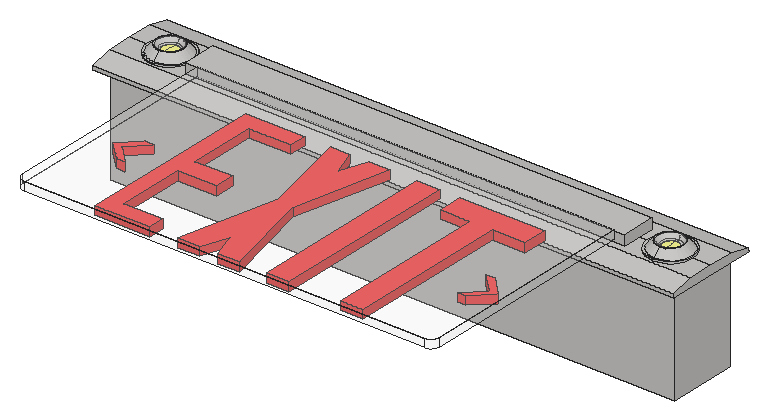
Revit family "CELC-Wall", category Lighting Fixtures, host Face, Revit 2021
Family settings
  Host = Face
  Round Connector Dimension = Use Diameter
  Part Type = Normal
  OmniClass Number = 23.80.70.11.21
  OmniClass Title = Emergency Lighting
  Cut with Voids When Loaded = No
  Light Source = No
  Shared = No
  Room Calculation Point = No
Parameters (values of type "CELC")
  zz Length 1 [instance] = if(Single Face, 0.200", 0.250")  # 0.200"
  Width = 2.0625"
  Watts = 3.72 W
  Wattage Comments = "3.72 W"
  Warranty = "2 year full unit warranty"  # constant formula
  Wall Plate Material = Black
  Voltage [instance] = if(Is 120VAC, 120 V, 277 V)  # 120 V
  URL = "https://www.currentlighting.com/compass"
  Type Comments = "Exit Light"  # constant formula
  Single Face = yes
  Sign = Red Glass
  Product Page URL = ""
  Product Documentation Link = ""
  Model = "CELC"
  Manufacturer = "Compass Products"  # constant formula
  Load Classification = Lighting
  Lens = Light Yellow
  Length = 16.720"
  Lamp = "LED Lamp"  # constant formula
  Is 277VAC [instance] = not(Is 120VAC)  # no
  Is 120VAC [instance] = yes
  Holder Material = Steel
  Glass = light Glass
  Finish = White
  Features = "Superior panel illumination with 6 inch Red or Green letters\r\n• LED life-cycle exceeding 10 years\r\n• Battery re-charge within 24 hours\r\n• Damp location listed 10°C to 40°C (50°F to 104°F)\r\n• Dual-voltage 120 or 277V AC, 60 Hz. input\r\n• Includes long-life Nickel Metal Hydride battery for UL recognized 90\r\nminute emergency lighting\r\n• Pre-installed directional arrow indicator with template\r\n• Provided with test switch and AC-On indicator\r\n• Canopy included for surface mount model\r\n• Matching CELEM Recessed emergency light"  # constant formula
  Double Face = no
  Description = "The CELEM Series is a recessed architectural LED based Emergency Light with adjustable LED lamps"  # constant formula
  Default Elevation = 48.000"
  Certification = "UL924 Listed for Damp Location\r\n• NFPA 101\r\n• NFPA 70\r\n• OSHA\r\n• CEC T20 Compliant"  # constant formula
  Apparent Load = Watts  # 3.72 VA
Reference planes (in)
  plane 1 "Center (Front/Back)": y = 0
  plane 2: z = 0
  plane 3 "Center (Left/Right)": x = 0
  plane 4: z = 8.2
  plane 5: x = -8.36
  plane 6: x = 8.36
  plane 7: y = 1.03125
  plane 8: y = -1.03125
  plane 9: y = 1.375
  plane 10: y = -1.375
  plane 11: z = 0.5
  plane 12: x = -8.62
  plane 13: x = 8.62
  plane 14: z = -2.98
Forms (in)
  Extrusion 1, solid, material "Steel" <- "Holder Material"
    sketch origin (0, 0, 0) x (1, 0, 0) y (0, 1, 0)
      loop
        line (-8.36, 1.03125) -> (-8.36, -1.03125) -> (8.36, -1.03125) -> (8.36, 1.03125) -> (-8.36, 1.03125)
    from 0 to -2.98
  Extrusion 2, solid, material "Steel" <- "Holder Material"
    sketch origin (0, 0, 0) x (0, 1, 0) y (0, 0, 1)
      loop
        line (0, 0) -> (1.375, 0) -> (1.375, 0.1) -> (0.75, 0.25) -> (0, 0.25) -> (-0.75, 0.25) -> (-1.375, 0.1) -> (-1.375, 0) -> (0, 0)
    from -8.62 to 8.62
  Revolve 3, solid, material "Steel" <- "Holder Material"
    sketch origin (7.42, 0, 0) x (0, 1, 0) y (0, 0, 1)
      loop
        line (0, 0.25) -> (0, 0.36238) -> (-0.24529, 0.36238)
        arc (-0.24529, 0.36238) -> (-0.26556, 0.37846) -> (-0.28583, 0.36238) r 0.02081
        line (-0.28583, 0.36238) -> (-0.36694, 0.49219) -> (-0.40004, 0.49219) -> (-0.60116, 0.29106) -> (-0.66358, 0.29106) -> (-0.66358, 0.25) -> (0, 0.25)
      axis (0, 0.49219) -> (0, 0.25)
    angle from 0 to 360
  Extrusion 4, solid, material "light Glass" <- "Glass"
    sketch origin (0.42188, 0, 0) x (1, 0, 0) y (0, 1, 0)
      loop
        circle (-7.84437, 0) r 0.40004
      loop
        circle (6.99281, 0) r 0.40004
    from 0.49219 to 0.5
  Revolve 5, solid, material "Light Yellow" <- "Lens"
    sketch origin (7.42188, 0, 0) x (0, 1, 0) y (0, 0, 1)
      loop
        line (0, 0.34871) -> (0, 0.37954)
        arc (0, 0.37954) -> (-0.15992, 0.37335) -> (-0.31805, 0.34871) r 1.38132
        line (-0.31805, 0.34871) -> (0, 0.34871)
      axis (0, 0.37954) -> (0, 0.34017)
    angle from 0 to 360
  Extrusion 6, solid, material "light Glass"
    sketch origin (0, -0.51774, 0.42106) x (0, -1, 0) y (-1, 0, 0)
      loop
        line (0, 6.18) -> (0, -6.18) -> (6.5, -6.18)
        arc (6.5, -6.18) -> (6.67678, -6.10678) -> (6.75, -5.93) r 0.25
        line (6.75, -5.93) -> (6.75, 5.93)
        arc (6.75, 5.93) -> (6.67678, 6.10678) -> (6.5, 6.18) r 0.25
        line (6.5, 6.18) -> (0, 6.18)
    from -0.13 to 0.13
  Revolve 7, solid, material "Steel" <- "Holder Material"
    sketch origin (-7.42, 0, 0) x (0, 1, 0) y (0, 0, -1)
      loop
        line (0, -0.25) -> (-0.66358, -0.25) -> (-0.66358, -0.29106) -> (-0.60116, -0.29106) -> (-0.40004, -0.49219) -> (-0.36694, -0.49219) -> (-0.28583, -0.36238)
        arc (-0.28583, -0.36238) -> (-0.26556, -0.37846) -> (-0.24529, -0.36238) r 0.02081
        line (-0.24529, -0.36238) -> (0, -0.36238) -> (0, -0.25)
      axis (0, -0.49219) -> (0, -0.25)
    angle from 0 to 360
  Revolve 8, solid, material "Light Yellow" <- "Lens"
    sketch origin (-7.42187, 0, 0) x (0, 1, 0) y (0, 0, -1)
      loop
        line (0, -0.34871) -> (-0.31805, -0.34871)
        arc (-0.31805, -0.34871) -> (-0.15992, -0.37335) -> (0, -0.37954) r 1.38132
        line (0, -0.37954) -> (0, -0.34871)
      axis (0, -0.37954) -> (0, -0.34017)
    angle from 0 to 360
  Extrusion 9, solid, material "Steel" <- "Holder Material"
    sketch origin (0, 0, 0) x (1, 0, 0) y (0, 1, 0)
      loop
        line (-6.52184, 0.46955) -> (-6.52184, -0.53045) -> (6.47816, -0.53045) -> (6.47816, 0.46955) -> (-6.52184, 0.46955)
    from 0 to 0.55106
  Extrusion 10, solid, material "Red Glass" <- "Sign"
    sketch origin (0, 0, 0) x (1, 0, 0) y (0, 1, 0)
      loop
        line (-2.38447, -7.06108) -> (-2.38447, -6.57994) -> (-3.52192, -6.57994) -> (-3.52192, -4.57655) -> (-2.38447, -4.57655) -> (-2.38447, -3.97113) -> (-3.50306, -3.9866) -> (-3.50306, -1.9866) -> (-2.25306, -1.9866) -> (-2.25306, -1.4866) -> (-4.00306, -1.4866) -> (-4.00306, -7.06108) -> (-2.38447, -7.06108)
      loop
        line (-1.53125, -7.06002) -> (-0.90067, -7.06002) -> (-0.62349, -6.29848) -> (-0.34632, -7.06002) -> (0.28426, -7.06002) -> (-0.35899, -4.27384) -> (0.28426, -1.48765) -> (-0.34632, -1.48765) -> (-0.62349, -2.24919) -> (-0.90067, -1.48765) -> (-1.48109, -1.48765) -> (-0.86293, -4.16522) -> (-1.53125, -7.06002)
      loop
        line (1.76287, -7.07658) -> (1.76287, -1.48765) -> (1.09325, -1.48765) -> (1.09325, -7.07658) -> (1.76287, -7.07658)
      loop
        line (2.36775, -1.48765) -> (2.36775, -2.21918) -> (3.24006, -2.21918) -> (3.24006, -7.01408) -> (3.90968, -7.01408) -> (3.90968, -2.21918) -> (4.87952, -2.21918) -> (4.87952, -1.48765) -> (2.36775, -1.48765)
      loop
        line (-4.742, -5.02255) -> (-5.27233, -4.49222) -> (-4.742, -3.96189) -> (-4.992, -3.96189) -> (-5.52233, -4.49222) -> (-4.992, -5.02255) -> (-4.742, -5.02255)
      loop
        line (5.116, -5.02255) -> (5.366, -5.02255) -> (5.89633, -4.49222) -> (5.366, -3.96189) -> (5.116, -3.96189) -> (5.64633, -4.49222) -> (5.116, -5.02255)
    from 0.25 to 0.5
Dimensions and locks (in)
  plane 4 to plane 2 = 8.200"
  equal spacing: plane 8, plane 1 "Center (Front/Back)", plane 7
  "Width": plane 8 to plane 7
  equal spacing: plane 5, plane 3 "Center (Left/Right)", plane 6
  "Length": plane 5 to plane 6
  aligned and locked: plane 2 to host face
  aligned and locked: level to host face
  aligned and locked: Extrusion 2 to plane 12
  aligned and locked: plane 13 to Extrusion 2
Automatic sketch dimensions
  host sketch curve to host sketch curve = 96.000"  (x2)
  Extrusion 1 sketch curve to plane 5 = 0.000"
  Extrusion 1 sketch curve to plane 6 = 0.000"
  plane 8 to Extrusion 1 sketch curve = 0.000"
  plane 7 to Extrusion 1 sketch curve = 0.000"
  Extrusion 2 sketch curve to plane 10 = 0.000"
  Extrusion 2 sketch curve to level = 0.000"
  Extrusion 2 sketch curve to plane 1 "Center (Front/Back)" = 0.000"  (x2)
  Extrusion 2 sketch curve to plane 9 = 0.000"
  Extrusion 2 sketch curve to plane 8 = 0.28125"
  plane 7 to Extrusion 2 sketch curve = 0.28125"
  Extrusion 2 sketch curve to Extrusion 2 sketch curve = 0.100"  (x2)
  level to Extrusion 2 sketch curve = 0.250"
  Revolve 3 sketch curve to plane 1 "Center (Front/Back)" = 0.000"  (x2)
  plane 1 "Center (Front/Back)" to Revolve 3 sketch curve = 0.24529"
  Revolve 3 sketch curve to Revolve 3 sketch curve = 0.02027"  (x2)
  Revolve 3 sketch curve to plane 11 = 0.13762"
  Revolve 3 sketch curve to plane 11 = 0.00781"
  Revolve 3 sketch curve to Revolve 3 sketch curve = 0.08111"
  Revolve 3 sketch curve to Revolve 3 sketch curve = 0.0331"
  Revolve 3 sketch curve to plane 11 = 0.20894"
  Revolve 3 sketch curve to Revolve 3 sketch curve = 0.20112"
  Revolve 3 sketch curve to Revolve 3 sketch curve = 0.06242"
  Revolve 3 sketch curve to Revolve 3 sketch curve = 0.04106"
  Revolve 3 sketch curve to Revolve 3 sketch curve = 0.00473"
  Revolve 3 sketch curve to level = 24.000"
  plane 4 to Revolve 3 sketch curve = 31.70263"
  Extrusion 4 sketch curve to Extrusion 4 sketch curve = 0.000"  (x4)
  plane 1 "Center (Front/Back)" to Extrusion 4 sketch curve = 0.000"  (x2)
  plane 5 to Extrusion 4 sketch curve = 0.9375"
  Extrusion 4 sketch curve to plane 6 = 0.94531"
  Extrusion 4 sketch curve to Extrusion 4 sketch curve = 0.40004"  (x2)
  Revolve 5 sketch curve to plane 1 "Center (Front/Back)" = 0.000"  (x2)
  plane 1 "Center (Front/Back)" to Revolve 5 sketch curve = 0.02667"
  Revolve 5 sketch curve to plane 11 = 0.15129"
  plane 1 "Center (Front/Back)" to Revolve 5 sketch curve = 0.31805"
  Revolve 5 sketch curve to level = 1.00153"
  Revolve 5 sketch curve to Revolve 5 sketch curve = 22.99847"
  plane 4 to Revolve 5 sketch curve = 31.70263"
  Revolve 7 sketch curve to plane 1 "Center (Front/Back)" = 0.000"  (x2)
  plane 1 "Center (Front/Back)" to Revolve 7 sketch curve = 0.24529"
  Revolve 7 sketch curve to Revolve 7 sketch curve = 0.02027"  (x2)
  Revolve 7 sketch curve to plane 11 = 0.13762"
  Revolve 7 sketch curve to plane 11 = 0.00781"
  Revolve 7 sketch curve to Revolve 7 sketch curve = 0.08111"
  Revolve 7 sketch curve to Revolve 7 sketch curve = 0.0331"
  Revolve 7 sketch curve to plane 11 = 0.20894"
  Revolve 7 sketch curve to Revolve 7 sketch curve = 0.20112"
  Revolve 7 sketch curve to Revolve 7 sketch curve = 0.06242"
  Revolve 7 sketch curve to Revolve 7 sketch curve = 0.00473"
  Revolve 7 sketch curve to Revolve 7 sketch curve = 0.04106"
  plane 4 to Revolve 7 sketch curve = 31.70263"
  Revolve 7 sketch curve to level = 24.000"
  Revolve 8 sketch curve to plane 1 "Center (Front/Back)" = 0.000"  (x2)
  plane 1 "Center (Front/Back)" to Revolve 8 sketch curve = 0.02667"
  Revolve 8 sketch curve to plane 11 = 0.15129"
  plane 1 "Center (Front/Back)" to Revolve 8 sketch curve = 0.31805"
  Revolve 8 sketch curve to Revolve 8 sketch curve = 0.03082"
  plane 4 to Revolve 8 sketch curve = 31.70263"
  Revolve 8 sketch curve to Revolve 8 sketch curve = 22.99847"
  Extrusion 9 sketch curve to plane 8 = 0.5008"
  plane 5 to Extrusion 9 sketch curve = 1.83816"
  Extrusion 9 sketch curve to plane 6 = 1.88184"
  Extrusion 9 sketch curve to plane 1 "Center (Front/Back)" = 0.46955"
  plane 9 to Extrusion 6 sketch curve = 1.89274"
  plane 10 to Extrusion 6 sketch curve = 5.64274"  (x2)
  Extrusion 6 sketch curve to Extrusion 6 sketch curve = 0.250"
  plane 5 to Extrusion 6 sketch curve = 2.180"
  Extrusion 6 sketch curve to plane 6 = 2.430"
  plane 5 to Extrusion 10 sketch curve = 2.83767"
  Extrusion 10 sketch curve to Extrusion 10 sketch curve = 0.250"  (x4)
  Extrusion 10 sketch curve to Extrusion 10 sketch curve = 0.28033"  (x3)
  Extrusion 10 sketch curve to Extrusion 10 sketch curve = 0.73895"
  Extrusion 10 sketch curve to Extrusion 10 sketch curve = 1.22009"
  Extrusion 10 sketch curve to Extrusion 10 sketch curve = 0.01886"
  Extrusion 10 sketch curve to Extrusion 10 sketch curve = 1.13744"  (x2)
  plane 10 to Extrusion 10 sketch curve = 0.6116"
  Extrusion 10 sketch curve to Extrusion 10 sketch curve = 1.250"
  Extrusion 10 sketch curve to Extrusion 10 sketch curve = 0.85323"
  plane 8 to Extrusion 10 sketch curve = 0.4564"  (x4)
  Extrusion 10 sketch curve to Extrusion 10 sketch curve = 0.77196"
  Extrusion 10 sketch curve to Extrusion 10 sketch curve = 0.58042"
  Extrusion 10 sketch curve to Extrusion 10 sketch curve = 0.63057"
  Extrusion 10 sketch curve to plane 3 "Center (Left/Right)" = 0.86293"
  Extrusion 10 sketch curve to plane 3 "Center (Left/Right)" = 0.62349"  (x2)
  Extrusion 10 sketch curve to plane 3 "Center (Left/Right)" = 0.35899"
  Extrusion 10 sketch curve to plane 3 "Center (Left/Right)" = 0.34632"  (x2)
  plane 3 "Center (Left/Right)" to Extrusion 10 sketch curve = 0.28426"  (x2)
  Extrusion 10 sketch curve to Extrusion 10 sketch curve = 0.80899"
  Extrusion 10 sketch curve to Extrusion 10 sketch curve = 0.66962"  (x2)
  Extrusion 10 sketch curve to Extrusion 10 sketch curve = 0.60488"
  Extrusion 10 sketch curve to Extrusion 10 sketch curve = 1.47719"
  plane 10 to Extrusion 10 sketch curve = 0.84418"  (x2)
  Extrusion 10 sketch curve to Extrusion 10 sketch curve = 0.96984"
  Extrusion 10 sketch curve to Extrusion 10 sketch curve = 1.20632"
  Extrusion 10 sketch curve to Extrusion 10 sketch curve = 0.000"  (x3)
  plane 10 to Extrusion 10 sketch curve = 0.87419"
  plane 10 to Extrusion 10 sketch curve = 2.58689"
  Extrusion 10 sketch curve to Extrusion 10 sketch curve = 1.74271"
  Extrusion 10 sketch curve to Extrusion 10 sketch curve = 1.98453"
  Extrusion 10 sketch curve to Extrusion 10 sketch curve = 0.01547"
  Extrusion 10 sketch curve to Extrusion 10 sketch curve = 0.19409"
  Extrusion 10 sketch curve to Extrusion 10 sketch curve = 0.10862"
  Extrusion 10 sketch curve to Extrusion 10 sketch curve = 0.53033"  (x2)
  Extrusion 10 sketch curve to Extrusion 10 sketch curve = 0.60542"
  Extrusion 10 sketch curve to Extrusion 10 sketch curve = 2.02465"
  Extrusion 10 sketch curve to Extrusion 10 sketch curve = 1.55739"
  Extrusion 10 sketch curve to Extrusion 10 sketch curve = 1.99153"
  Extrusion 10 sketch curve to Extrusion 10 sketch curve = 0.48009"
  Extrusion 10 sketch curve to Extrusion 10 sketch curve = 0.76154"
  Extrusion 10 sketch curve to Extrusion 10 sketch curve = 0.48114"
  Extrusion 10 sketch curve to Extrusion 10 sketch curve = 0.0625"
  plane 8 to Extrusion 10 sketch curve = 0.45535"
Nested families (in)
  nested 1: "Family1" at (7.43228, 0.10727, -53.5) x (-1, 0, 0) z (0, 0, 1), type "Family1"
  nested 2: "Family1" at (-7.43228, 0.10727, -53.5), type "Family1"
Connectors (in)
  electrical at (0, 0, -2.98), driven by "Voltage", driven by "Apparent Load"
    settings: on Extrusion 1, index 1, voltage 120 V, apparent load 3.72 VA, apparent load phase1 0 VA, apparent load phase2 0 VA, apparent load phase3 0 VA, power factor 1, load classification "Other", number of poles 1, system type 30, power factor state 1, is connector primary yes, connector utility no, sub classification motor no, connector description "Lighting Connector"
Definition of nested family "Family1"
  Parameters
    Wattage = 12.1178 W
    built-in parameter 1150110 = 1 (stored number, unit not read)
    built-in parameter 1114217 = 1 (stored number, unit not read)
    Tilt Angle = 0.00°
    built-in parameter 1150109 = 1 (stored number, unit not read)
    built-in parameter 1150134 = (empty or 0)
    built-in parameter 1150113 = 1 (stored number, unit not read)
    Photometric Web File = "CELEM.ies"
    Lumens = 1800 lm
    built-in parameter 1150115 = 1 (stored number, unit not read)
    built-in parameter 1150105 = -190950 (stored number, unit not read)
    built-in parameter 1150137 = (empty or 0)
    built-in parameter 1150139 = (empty or 0)
    built-in parameter 1150112 = 1 (stored number, unit not read)
    built-in parameter 1150114 = 1 (stored number, unit not read)
    built-in parameter 1150132 = 2
    built-in parameter 1150102 = (empty or 0)
    built-in parameter 1150138 = (empty or 0)
    built-in parameter 1150107 = 3000 (stored number, unit not read)
    built-in parameter 1150106 = -1909.5 (stored number, unit not read)
    built-in parameter 1150104 = 13.8 (stored number, unit not read)
    Dimming Lamp Color Temperature Shift = (empty or 0)
    Default Elevation = 0.000"
    Color Filter = 16777215
    built-in parameter 1114218 = 1 (stored number, unit not read)
    built-in parameter 1150133 = 10 (stored number, unit not read)
  Reference planes (in)
    plane 1 "Light Source Axis (F/B)": y = 0
    plane 2: z = 0
    plane 3 "Light Source Axis (L/R)": x = 0
    plane 4 "Light Source Elevation": z = 54
  Dimensions and locks (in)
    aligned and locked: plane 3 "Light Source Axis (L/R)" to imposter light
    aligned and locked: level to plane 2
